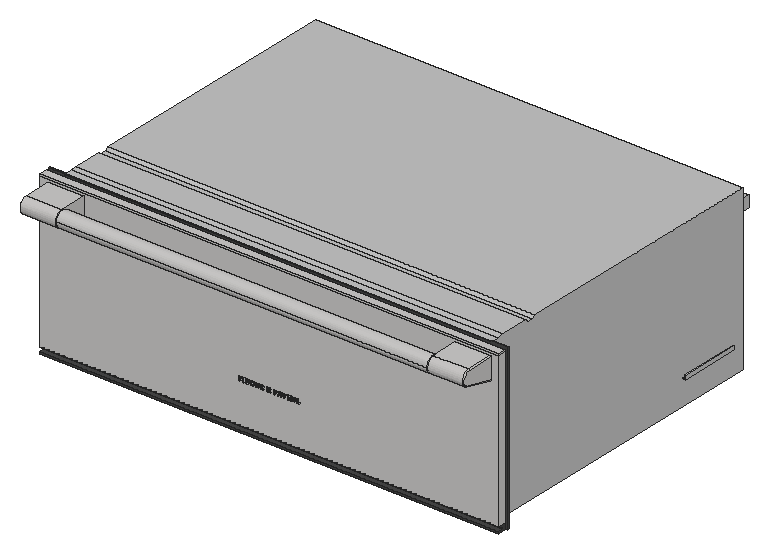
Revit family "FP_Revit_18_VB30SPEX1_Vacuum_Drawer_9000xxxxA", category Specialty Equipment, Revit 2018
Family settings
  Round Connector Dimension = Use Diameter
  Part Type = Normal
  OmniClass Number = 23.40.40.14.17.31
  OmniClass Title = Small Specialized Cooking Equipment
  Work Plane-Based = No
  Always vertical = Yes
  Cut with Voids When Loaded = Yes
  Shared = No
  Room Calculation Point = No
Parameters (values of type "VB30SPEX1")
  Visibility - Clearance Required = yes
  URL = "www.fisherpaykel.com"
  Product - Width = 761 mm  # constant formula
  Product - Height = 271 mm  # constant formula
  Product - Depth = 630 mm  # constant formula
  Model = "VB30SPEX1"
  Material - Trim = Fisher & Paykel - Black
  Material - Structure = Fisher & Paykel - Black
  Material - Handle = Fisher & Paykel - Stainless Steel
  Material - Front = Fisher & Paykel - Stainless Steel
  Material - Body = Fisher & Paykel - Grey
  Manufacturer = "Fisher & Paykel Appliances"
  FFL Offset [instance] = 587 mm
  Description = "30\" Vacuum Drawer"
  Connector Description - Electrical = "110 V, 60Hz, 10 A"
  Chassis - Width = 720 mm  # constant formula
  Chassis - Height = 271 mm  # constant formula
  Chassis - Depth = 551 mm  # constant formula
  Cavity - Width = 724 mm  # constant formula
  Cavity - Height = 273 mm  # constant formula
  Cavity - Depth = 560 mm  # constant formula
Reference planes
  plane 1 "Datum (Front/Back)": y = 0
  plane 2: z = 0
  plane 3 "Center (Left/Right)": x = 0
  plane 4 "Product Height": z = 858
  plane 5 "Product LHS": x = -380.5
  plane 6 "Product RHS": x = 380.5
  plane 7 "Cavity LHS": x = -382
  plane 8 "Cavity RHS": x = 382
  plane 9 "Cavity - Depth": y = 560
  plane 10 "Door - Front": y = -20
  plane 11 "Cavity - Height": z = 860
  plane 12 "FFL Offset": z = 587
  plane 13 "Product - Depth": y = 551
Forms (mm)
  Extrusion 1, solid, material "Fisher & Paykel - Grey" <- "Material - Body"
    sketch origin (0, 0, 0) x (0, 1, 0) y (0, 0, 1)
      loop
        line (0, 587) -> (518, 587) -> (518, 858) -> (87.767, 858) -> (83, 854) -> (73, 854) -> (68.233, 858) -> (21, 858) -> (12.8, 856.5) -> (0, 856.5) -> (0, 587)
    from -354 to 354
  Extrusion 2, solid, material "Fisher & Paykel - Grey" <- "Material - Body", detail levels medium+fine
    sketch origin (0, 0, 0) x (0, 1, 0) y (0, 0, 1)
      loop
        line (518, 826) -> (518, 807) -> (551, 807) -> (551, 826) -> (518, 826)
    from 310.5 to 337.5
  Extrusion 3, solid, material "Fisher & Paykel - Grey" <- "Material - Body", detail levels medium+fine
    sketch origin (0, 0, 0) x (0, 1, 0) y (0, 0, 1)
      loop
        circle (541, 816.5) r 8.163
    from 277.5 to 310.5
  Extrusion 4, solid, material "Fisher & Paykel - Black" <- "Material - Structure"
    sketch origin (0, 0, 0) x (0, 1, 0) y (0, 0, 1)
      loop
        line (-2, 595.7) -> (-2, 846.7) -> (-6.6, 846.7) -> (-6.6, 595.7) -> (-2, 595.7)
    from -342 to 342
  Extrusion 5, solid, material "Fisher & Paykel - Stainless Steel" <- "Material - Front"
    sketch origin (0, 0, 0) x (0, 1, 0) y (0, 0, 1)
      loop
        line (-6.6, 853) -> (-20, 853) -> (-20, 598.6) -> (-6.6, 598.6) -> (-6.6, 853)
    from -380.5 to 380.5
  Extrusion 6, solid, material "Fisher & Paykel - Black" <- "Material - Trim", detail levels medium+fine
    sketch origin (0, 0, 0) x (0, 1, 0) y (0, 0, 1)
      loop
        line (-11.142, 595.6) -> (-11.142, 592) -> (-20, 592) -> (-20, 589) -> (-6.6, 589) -> (-6.6, 598.6) -> (-18.633, 598.6) -> (-16.108, 595.6) -> (-11.142, 595.6)
    from -380.5 to 380.5
  Extrusion 7, solid, material "Fisher & Paykel - Stainless Steel" <- "Material - Front", detail levels fine
    sketch origin (0, 0, 0) x (0, 1, 0) y (0, 0, 1)
      loop
        line (-6.6, 856) -> (-20, 856) -> (-20, 853) -> (-6.6, 853) -> (-6.6, 856)
    from -380.5 to 380.5
  Extrusion 8, solid, material "Fisher & Paykel - Clearance Required", visible <- "Visibility - Clearance Required", detail levels coarse
    sketch origin (0, 0, 0) x (0, 1, 0) y (0, 0, 1)
      loop
        line (0, 860) -> (0, 587) -> (560, 587) -> (560, 860) -> (0, 860)
    from -362 to 362
  Extrusion 9, solid, material "Fisher & Paykel - Grey" <- "Material - Body", detail levels medium+fine
    sketch origin (0, 0, 0) x (1, 0, 0) y (0, 0, 1)
      loop
        circle (-121.5, 791) r 21.977
    from -537 to -518
  Extrusion 10, solid, material "Fisher & Paykel - Grey" <- "Material - Body", detail levels medium+fine
    sketch origin (0, 0, 1000) x (1, 0, 0) y (0, 0, 1)
      loop
        line (360, -364.5) -> (359, -364.5) -> (359, -369.5) -> (354, -369.5) -> (354, -370.5) -> (360, -370.5) -> (360, -364.5)
      loop
        line (-360, -364.5) -> (-360, -370.5) -> (-354, -370.5) -> (-354, -369.5) -> (-359, -369.5) -> (-359, -364.5) -> (-360, -364.5)
    from -493 to -393
  Extrusion 11, solid, material "Fisher & Paykel - Black" <- "Material - Structure"
    sketch origin (0, 0, 0) x (1, 0, 0) y (0, 0, 1)
      loop
        line (-380.5, 858) -> (-380.5, 587) -> (380.5, 587) -> (380.5, 858) -> (354, 858) -> (354, 856.5) -> (-354, 856.5) -> (-354, 858) -> (-380.5, 858)
    from 0 to 2
  Extrusion 12, solid, material "Fisher & Paykel - Clearance Required", visible <- "Visibility - Clearance Required", detail levels coarse
    sketch origin (0, 0, 0) x (0, 1, 0) y (0, 0, 1)
      loop
        line (0, 587) -> (0, 860) -> (-439, 860) -> (-439, 848.378) -> (-484.423, 848.378)
        arc (-484.423, 848.378) -> (-496.914, 837.059) -> (-487.354, 823.175) r 12.8
        line (-487.354, 823.175) -> (-439, 810.881) -> (-439, 587) -> (0, 587)
    from -382 to 382
  Extrusion 13, void
    sketch origin (0, 0, 0) x (0, 1, 0) y (0, 0, 1)
      loop
        line (0, 860) -> (0, 587) -> (560, 587) -> (560, 860) -> (0, 860)
    from -362 to 362
  Extrusion 14, void
    sketch origin (0, 0, 0) x (0, 1, 0) y (0, 0, 1)
      loop
        line (0, 587) -> (0, 860) -> (-20, 860) -> (-20, 587) -> (0, 587)
    from -382 to 382
  Extrusion 15, solid, material "Fisher & Paykel - Stainless Steel" <- "Material - Handle", detail levels medium+fine
    sketch origin (0, -20, -842.813) x (0, 1, 0) y (0, 0, 1)
      loop
        circle (-45.2, 1678.393) r 12.8
    from -308.01 to 308.01
  Extrusion 16, solid, material "Fisher & Paykel - Stainless Steel", detail levels coarse
    sketch origin (0, -20, 157.187) x (0, 1, 0) y (0, 0, 1)
      loop
        line (0, 691.983) -> (-45.423, 691.191)
        arc (-45.423, 691.191) -> (-57.914, 679.871) -> (-48.354, 665.987) r 12.8
        line (-48.354, 665.987) -> (0, 653.694) -> (0, 691.983)
    from -368.01 to 368.01
  Extrusion 17, solid, material "Fisher & Paykel - Stainless Steel", detail levels medium+fine
    sketch origin (0, -20, 157.187) x (0, 1, 0) y (0, 0, 1)
      loop
        line (0, 691.983) -> (-45.423, 691.191)
        arc (-45.423, 691.191) -> (-57.914, 679.871) -> (-48.354, 665.987) r 12.8
        line (-48.354, 665.987) -> (0, 653.694) -> (0, 691.983)
    from -368.01 to -308.01
  Extrusion 18, solid, material "Fisher & Paykel - Stainless Steel", detail levels medium+fine
    sketch origin (0, -20, 157.187) x (0, 1, 0) y (0, 0, -1)
      loop
        line (0, -691.983) -> (0, -653.694) -> (-48.354, -665.987)
        arc (-48.354, -665.987) -> (-57.914, -679.871) -> (-45.423, -691.191) r 12.8
        line (-45.423, -691.191) -> (0, -691.983)
    from -368.01 to -308.01
  Sweep 19, void
    path in 3D
      loop
        line (368.01, -17.558, 849.213) -> (368.01, -65.423, 848.378)
        arc (368.01, -65.423, 848.378) -> (368.01, -77.914, 837.059) -> (368.01, -68.354, 823.175) r 12.8
        line (368.01, -68.354, 823.175) -> (368.01, -17.707, 810.298)
    profile origin (368.01, -41.491, 848.795) x (0, 0.017432, -0.999848) y (1, 0, 0)
      loop
        line (0, 0) -> (0, -1.2) -> (1.5, 0) -> (0, 0)
  Sweep 20, void
    path in 3D
      loop
        line (-368.01, -18.841, 810.586) -> (-368.01, -68.354, 823.175)
        arc (-368.01, -68.354, 823.175) -> (-368.01, -77.914, 837.059) -> (-368.01, -65.423, 848.378) r 12.8
        line (-368.01, -65.423, 848.378) -> (-368.01, -17.926, 849.206)
    profile origin (-368.01, -41.675, 848.792) x (0, 0.017432, -0.999848) y (-1, 0, 0)
      loop
        line (0, 0) -> (0, -1.5) -> (1.5, 0) -> (0, 0)
Cuts and joins
  Sweep 19 cuts Extrusion 18
  Sweep 20 cuts Extrusion 17
Lines and regions (mm)
  sketch lines
    curve 1: line (368.01, -17.558, 849.213) -> (368.01, -65.423, 848.378)
    curve 2: arc (368.01, -68.354, 823.175) -> (368.01, -77.914, 837.059) -> (368.01, -65.423, 848.378) r 12.8
    curve 3: line (368.01, -68.354, 823.175) -> (368.01, -17.707, 810.298)
    curve 4: line (-368.01, -65.423, 848.378) -> (-368.01, -17.926, 849.206)
    curve 5: arc (-368.01, -65.423, 848.378) -> (-368.01, -77.914, 837.059) -> (-368.01, -68.354, 823.175) r 12.8
    curve 6: line (-368.01, -18.841, 810.586) -> (-368.01, -68.354, 823.175)
Text (mm)
  text "Due to ongoing product development, product details are subject to change without notice. \nPlease always refer to www.fisherpaykel.com for the most current product information. \n© Fisher & Paykel 2020" at (41.04, -568.295, 0), in view "Ref. Level (Plan)"
Dimensions and locks
  equal spacing: plane 5 "Product LHS", plane 3 "Center (Left/Right)", plane 6 "Product RHS"
  equal spacing: plane 7 "Cavity LHS", plane 3 "Center (Left/Right)", plane 8 "Cavity RHS"
  equal spacing: Extrusion 1, plane 3 "Center (Left/Right)", Extrusion 1
  "Product - Width": plane 5 "Product LHS" to plane 6 "Product RHS"
  plane 10 "Door - Front" to plane 1 "Datum (Front/Back)" = 20 mm
  "Cavity - Depth": plane 9 "Cavity - Depth" to plane 1 "Datum (Front/Back)"
  "Chassis - Width": Extrusion 10 to Extrusion 10
  "FFL Offset": level to plane 12 "FFL Offset"
  locked: plane 12 "FFL Offset" to Extrusion 6 sketch curve at 11.6
  locked: plane 12 "FFL Offset" to Extrusion 6 sketch curve at 2
  locked: Extrusion 10 to plane 12 "FFL Offset" at 42.5  (x2)
  "Product - Height": plane 12 "FFL Offset" to plane 4 "Product Height"
  "Cavity - Height": plane 12 "FFL Offset" to plane 11 "Cavity - Height"
  locked: plane 12 "FFL Offset" to Extrusion 4 at 8.6
  locked: plane 12 "FFL Offset" to nested 1 at 78.956
  equal spacing: Extrusion 8, plane 3 "Center (Left/Right)", Extrusion 8
  locked: Extrusion 12 to plane 10 "Door - Front" at 419
  locked: plane 12 "FFL Offset" to Extrusion 15 at 248.58
  locked: Extrusion 1 to plane 1 "Datum (Front/Back)" at 518
  locked: plane 7 "Cavity LHS" to plane 8 "Cavity RHS" at 764
  Extrusion 1 to Extrusion 1 = 708 mm
  "Chassis - Depth": plane 1 "Datum (Front/Back)" to plane 13 "Product - Depth"
  "Cavity - Width": Extrusion 8 to Extrusion 8
  aligned and locked: level to plane 2
  aligned and locked: Extrusion 8 sketch curve to plane 9 "Cavity - Depth"
  aligned and locked: Extrusion 2 to Extrusion 1
  aligned and locked: Extrusion 11 to plane 1 "Datum (Front/Back)"
  aligned and locked: Extrusion 10 to Extrusion 1  (x2)
  aligned and locked: plane 12 "FFL Offset" to Extrusion 11
  aligned and locked: plane 12 "FFL Offset" to Extrusion 1 sketch curve
  aligned and locked: Extrusion 8 sketch curve to plane 12 "FFL Offset"
  aligned and locked: plane 5 "Product LHS" to Extrusion 7
  aligned and locked: plane 5 "Product LHS" to Extrusion 5
  aligned and locked: plane 5 "Product LHS" to Extrusion 6
  aligned and locked: Extrusion 7 to plane 6 "Product RHS"
  aligned and locked: Extrusion 5 to plane 6 "Product RHS"
  aligned and locked: Extrusion 6 to plane 6 "Product RHS"
  aligned and locked: Extrusion 12 sketch curve to plane 11 "Cavity - Height"
  aligned and locked: Extrusion 12 sketch curve to plane 12 "FFL Offset"
  aligned and locked: plane 7 "Cavity LHS" to Extrusion 12
  aligned and locked: Extrusion 12 to plane 8 "Cavity RHS"
  aligned and locked: Extrusion 14 to plane 11 "Cavity - Height"
  aligned and locked: Extrusion 13 to plane 11 "Cavity - Height"
  aligned and locked: plane 12 "FFL Offset" to Extrusion 14
  aligned and locked: plane 12 "FFL Offset" to Extrusion 13
  aligned and locked: Extrusion 14 to plane 8 "Cavity RHS"
  aligned and locked: plane 7 "Cavity LHS" to Extrusion 14
  aligned and locked: Extrusion 2 to plane 13 "Product - Depth"
  aligned and locked: Extrusion 13 to Extrusion 8  (x2)
  aligned and locked: Extrusion 4 to Extrusion 7
Automatic sketch dimensions
  Extrusion 1 sketch curve to plane 1 "Datum (Front/Back)" = 0 mm
  Extrusion 1 sketch curve to plane 4 "Product Height" = 0 mm  (x2)
  Extrusion 1 sketch curve to plane 4 "Product Height" = 1.5 mm
  Extrusion 1 sketch curve to Extrusion 1 sketch curve = 12.8 mm
  Extrusion 1 sketch curve to Extrusion 1 sketch curve = 8.2 mm
  Extrusion 1 sketch curve to Extrusion 1 sketch curve = 47.233 mm
  Extrusion 1 sketch curve to plane 4 "Product Height" = 4 mm
  Extrusion 1 sketch curve to Extrusion 1 sketch curve = 4.767 mm  (x2)
  Extrusion 1 sketch curve to Extrusion 1 sketch curve = 10 mm
  Extrusion 2 sketch curve to Extrusion 2 sketch curve = 33 mm
  Extrusion 2 sketch curve to plane 4 "Product Height" = 51 mm
  Extrusion 2 sketch curve to Extrusion 2 sketch curve = 19 mm
  Extrusion 3 sketch curve to plane 4 "Product Height" = 41.5 mm
  plane 1 "Datum (Front/Back)" to Extrusion 4 sketch curve = 6.6 mm
  plane 1 "Datum (Front/Back)" to Extrusion 4 sketch curve = 2 mm
  Extrusion 4 sketch curve to plane 12 "FFL Offset" = 8.7 mm
  Extrusion 4 sketch curve to plane 4 "Product Height" = 11.3 mm
  Extrusion 5 sketch curve to plane 10 "Door - Front" = 0 mm
  plane 1 "Datum (Front/Back)" to Extrusion 5 sketch curve = 6.6 mm
  Extrusion 5 sketch curve to plane 12 "FFL Offset" = 11.6 mm
  Extrusion 5 sketch curve to plane 4 "Product Height" = 5 mm
  Extrusion 6 sketch curve to plane 10 "Door - Front" = 0 mm
  plane 10 "Door - Front" to Extrusion 6 sketch curve = 1.367 mm
  plane 10 "Door - Front" to Extrusion 6 sketch curve = 3.892 mm
  Extrusion 6 sketch curve to Extrusion 6 sketch curve = 4.966 mm
  Extrusion 6 sketch curve to Extrusion 6 sketch curve = 4.542 mm
  Extrusion 6 sketch curve to plane 12 "FFL Offset" = 5 mm
  Extrusion 6 sketch curve to Extrusion 6 sketch curve = 3 mm
  Extrusion 7 sketch curve to plane 10 "Door - Front" = 0 mm
  plane 1 "Datum (Front/Back)" to Extrusion 7 sketch curve = 6.6 mm
  Extrusion 7 sketch curve to plane 4 "Product Height" = 5 mm
  Extrusion 7 sketch curve to plane 4 "Product Height" = 2 mm
  Extrusion 8 sketch curve to plane 1 "Datum (Front/Back)" = 0 mm
  plane 11 "Cavity - Height" to Extrusion 8 sketch curve = 0 mm
  Extrusion 9 sketch curve to plane 3 "Center (Left/Right)" = 121.5 mm
  Extrusion 9 sketch curve to plane 4 "Product Height" = 67 mm
  Extrusion 10 sketch curve to plane 5 "Product LHS" = 20.5 mm
  Extrusion 10 sketch curve to Extrusion 10 sketch curve = 1 mm  (x4)
  Extrusion 10 sketch curve to Extrusion 10 sketch curve = 5 mm  (x4)
  plane 6 "Product RHS" to Extrusion 10 sketch curve = 26.5 mm
  Extrusion 10 sketch curve to plane 12 "FFL Offset" = 42.5 mm  (x2)
  Extrusion 11 sketch curve to plane 4 "Product Height" = 0 mm  (x2)
  plane 5 "Product LHS" to Extrusion 11 sketch curve = 0 mm
  plane 6 "Product RHS" to Extrusion 11 sketch curve = 0 mm
  Extrusion 11 sketch curve to plane 12 "FFL Offset" = 0 mm
  Extrusion 11 sketch curve to plane 5 "Product LHS" = 26.5 mm
  Extrusion 11 sketch curve to plane 4 "Product Height" = 1.5 mm
  plane 6 "Product RHS" to Extrusion 11 sketch curve = 26.5 mm
  Extrusion 13 sketch curve to plane 1 "Datum (Front/Back)" = 0 mm
  Extrusion 13 sketch curve to plane 9 "Cavity - Depth" = 0 mm
  plane 12 "FFL Offset" to Extrusion 13 sketch curve = 0 mm
  plane 11 "Cavity - Height" to Extrusion 13 sketch curve = 0 mm
  Extrusion 14 sketch curve to plane 10 "Door - Front" = 0 mm
  Extrusion 14 sketch curve to plane 1 "Datum (Front/Back)" = 0 mm
  plane 12 "FFL Offset" to Extrusion 14 sketch curve = 0 mm
  plane 11 "Cavity - Height" to Extrusion 14 sketch curve = 0 mm
  Extrusion 15 sketch curve to plane 4 "Product Height" = 22.42 mm
  Extrusion 15 sketch curve to plane 10 "Door - Front" = 45.2 mm
  Extrusion 16 sketch curve to plane 4 "Product Height" = 34.825 mm
  Extrusion 16 sketch curve to plane 10 "Door - Front" = 48.354 mm
  Extrusion 16 sketch curve to plane 4 "Product Height" = 9.622 mm
  Extrusion 16 sketch curve to Extrusion 16 sketch curve = 2.931 mm
  Extrusion 16 sketch curve to Extrusion 16 sketch curve = 3.154 mm
  Extrusion 16 sketch curve to plane 4 "Product Height" = 47.119 mm
  Extrusion 16 sketch curve to Extrusion 16 sketch curve = 48.354 mm
  Extrusion 16 sketch curve to plane 4 "Product Height" = 8.83 mm
  Extrusion 17 sketch curve to plane 4 "Product Height" = 34.825 mm
  Extrusion 17 sketch curve to plane 10 "Door - Front" = 48.354 mm
  Extrusion 17 sketch curve to plane 4 "Product Height" = 9.622 mm
  Extrusion 17 sketch curve to Extrusion 17 sketch curve = 2.931 mm
  Extrusion 17 sketch curve to Extrusion 17 sketch curve = 3.154 mm
  Extrusion 17 sketch curve to plane 4 "Product Height" = 47.119 mm
  Extrusion 17 sketch curve to Extrusion 17 sketch curve = 48.354 mm
  Extrusion 17 sketch curve to plane 4 "Product Height" = 8.83 mm
  Extrusion 18 sketch curve to plane 4 "Product Height" = 34.825 mm
  Extrusion 18 sketch curve to plane 10 "Door - Front" = 48.354 mm
  Extrusion 18 sketch curve to plane 4 "Product Height" = 9.622 mm
  Extrusion 18 sketch curve to Extrusion 18 sketch curve = 2.931 mm
  Extrusion 18 sketch curve to Extrusion 18 sketch curve = 3.154 mm
  Extrusion 18 sketch curve to plane 4 "Product Height" = 47.119 mm
  Extrusion 18 sketch curve to Extrusion 18 sketch curve = 48.354 mm
  Extrusion 18 sketch curve to plane 4 "Product Height" = 8.83 mm
  Sweep 19 sketch curve to profile plane = 0 mm  (x2)
  Sweep 19 sketch curve to Sweep 19 sketch curve = 1.5 mm
  Sweep 19 sketch curve to profile plane = 1.2 mm
  profile plane to Sweep 20 sketch curve = 0 mm
  Sweep 20 sketch curve to profile plane = 0 mm
  Sweep 20 sketch curve to Sweep 20 sketch curve = 1.5 mm
  Sweep 20 sketch curve to profile plane = 1.5 mm
  Extrusion 12 sketch curve to plane 10 "Door - Front" = 419 mm
  Extrusion 12 sketch curve to plane 1 "Datum (Front/Back)" = 0 mm
  Extrusion 12 sketch curve to plane 4 "Product Height" = 22.42 mm
  Extrusion 12 sketch curve to plane 10 "Door - Front" = 464.2 mm
  Extrusion 12 sketch curve to Extrusion 12 sketch curve = 0.223 mm
  Extrusion 12 sketch curve to plane 4 "Product Height" = 9.622 mm
  Extrusion 12 sketch curve to Extrusion 12 sketch curve = 3.154 mm
  Extrusion 12 sketch curve to Extrusion 12 sketch curve = 37.497 mm
  Extrusion 12 sketch curve to Extrusion 12 sketch curve = 48.354 mm
  Extrusion 1 sketch curve to plane 9 "Cavity - Depth" = 42 mm
  Extrusion 2 sketch curve to plane 9 "Cavity - Depth" = 42 mm
  Extrusion 3 sketch curve to plane 9 "Cavity - Depth" = 19 mm
  radius of Extrusion 3 sketch curve = 8.163 mm
  radius of Extrusion 9 sketch curve = 21.977 mm
  radius of Extrusion 15 sketch curve = 12.8 mm
Nested families
  nested 1: "F&P Logo 100mm" at (0, -20, 665.956), type "Grey"
Connectors
  electrical at (277.5, 541, 816.5), driven by "Connector Description - Electrical"
    settings: on Extrusion 3, index 1, voltage 110 V, apparent load 0 VA, apparent load phase1 0 VA, apparent load phase2 0 VA, apparent load phase3 0 VA, power factor 1, load classification "Other", number of poles 1, system type 30, power factor state 1, is connector primary yes, connector utility no, sub classification motor no, connector description "110 V, 60Hz, 10 A"
Definition of nested family "F&P Logo 100mm"
  Parameters (values of type "Grey")
    URL = "www.fisherpaykel.com"
    Material - Logo = none
    Manufacturer = "Fisher & Paykel Appliances"
  Types (2): name
    Chrome
    Grey
  Reference planes
    plane 1 "Center (Front/Back)": y = 0
    plane 2: z = 0
    plane 3 "Center (Left/Right)": x = 0
  Forms (mm)
    Extrusion 1, solid, material <- "Material - Logo", detail levels fine
      sketch origin (0, 0, 0) x (1, 0, 0) y (0, 0, 1)
        loop
          line (-50.044, 0) -> (-48.47, 0) -> (-48.47, 2.138) -> (-46.011, 2.138) -> (-46.011, 3.472) -> (-48.47, 3.472) -> (-48.47, 4.712) -> (-45.795, 4.712) -> (-45.795, 6.04) -> (-50.044, 6.04) -> (-50.044, 0)
        loop
          line (-42.804, 6.04) -> (-42.804, 0) -> (-41.23, 0) -> (-41.23, 6.04) -> (-42.804, 6.04)
        loop
          line (-30.724, 6.04) -> (-30.724, 0) -> (-29.151, 0) -> (-29.151, 2.42) -> (-26.839, 2.42) -> (-26.839, 0) -> (-25.265, 0) -> (-25.265, 6.04) -> (-26.839, 6.04) -> (-26.839, 3.748) -> (-29.151, 3.748) -> (-29.151, 6.04) -> (-30.724, 6.04)
        loop
          line (-21.906, 6.04) -> (-21.906, 0) -> (-17.602, 0) -> (-17.602, 1.328) -> (-20.347, 1.328) -> (-20.347, 2.42) -> (-17.838, 2.42) -> (-17.838, 3.748) -> (-20.347, 3.748) -> (-20.347, 4.712) -> (-17.602, 4.712) -> (-17.602, 6.04) -> (-21.906, 6.04)
        loop
          line (45.667, 6.04) -> (45.667, 0) -> (49.956, 0) -> (49.956, 1.328) -> (47.241, 1.328) -> (47.241, 6.04) -> (45.667, 6.04)
        loop
          line (42.431, 6.04) -> (38.112, 6.04) -> (38.112, 0) -> (42.431, 0) -> (42.431, 1.328) -> (39.687, 1.328) -> (39.687, 2.42) -> (42.195, 2.42) -> (42.195, 3.748) -> (39.687, 3.748) -> (39.687, 4.712) -> (42.431, 4.712) -> (42.431, 6.04)
        loop
          line (33.451, 3.148) -> (35.683, 6.04) -> (33.844, 6.04) -> (31.915, 3.542) -> (31.915, 6.04) -> (30.342, 6.04) -> (30.342, 0) -> (31.915, 0) -> (31.915, 2.705) -> (33.903, 0) -> (35.763, 0) -> (33.451, 3.148)
        loop
          line (21.98, 6.04) -> (24.262, 2.42) -> (24.262, 0) -> (25.837, 0) -> (25.837, 2.341) -> (28.119, 6.04) -> (26.446, 6.04) -> (25.099, 3.707) -> (23.753, 6.04) -> (21.98, 6.04)
        loop
          line (18.479, 6.04) -> (16.983, 6.04) -> (14.524, 0) -> (16.069, 0) -> (16.501, 1.112) -> (18.921, 1.112) -> (19.354, 0) -> (20.938, 0) -> (18.479, 6.04)
        loop
          line (18.4, 2.439) -> (17.693, 4.174) -> (17.018, 2.439) -> (18.4, 2.439)
        loop
          line (8.031, 6.04) -> (8.031, 0) -> (9.605, 0) -> (9.605, 1.938) -> (10.599, 1.938)
          arc (10.599, 1.938) -> (12.65, 3.989) -> (10.599, 6.04) r 2.051
          line (10.599, 6.04) -> (8.031, 6.04)
        loop
          line (9.605, 4.712) -> (9.605, 3.197) -> (10.501, 3.197)
          arc (10.501, 3.197) -> (11.259, 3.954) -> (10.501, 4.712) r 0.757
          line (10.501, 4.712) -> (9.605, 4.712)
        loop
          line (-11.783, 6.04) -> (-14.366, 6.04) -> (-14.366, 0) -> (-12.792, 0) -> (-12.792, 1.336) -> (-11.992, 1.336) -> (-10.972, 0) -> (-9.153, 0) -> (-10.694, 1.973)
          arc (-10.694, 1.973) -> (-9.678, 4.424) -> (-11.783, 6.04) r 2.179
        loop
          line (-11.897, 4.712) -> (-12.792, 4.712) -> (-12.792, 3.053) -> (-11.897, 3.053)
          arc (-11.897, 3.053) -> (-11.068, 3.882) -> (-11.897, 4.712) r 0.83
        loop
          line (0.477, 4.712) -> (0.477, 6.153) -> (-3.575, 6.153) -> (-3.575, 4.851) -> (-2.974, 4.112)
          arc (-2.974, 4.112) -> (-3.51, 0.684) -> (-0.045, 0.512) r 2.334
          line (-0.045, 0.512) -> (0.46, -0.109) -> (2.246, -0.109) -> (0.86, 1.594) -> (2.061, 3.324) -> (0.443, 3.324) -> (-0.013, 2.667) -> (-1.677, 4.712) -> (0.477, 4.712)
        loop
          arc (-2.125, 3.068) -> (-2.269, 1.668) -> (-0.868, 1.524) r 0.996
          line (-0.868, 1.524) -> (-2.125, 3.068)
        loop
          line (-35.18, 3.634) -> (-36.516, 3.91)
          arc (-36.516, 3.91) -> (-37.049, 4.443) -> (-36.516, 4.976) r 0.533
          arc (-36.516, 4.976) -> (-35.235, 4.79) -> (-34.059, 4.248) r 4.505
          line (-34.059, 4.248) -> (-34.059, 5.743)
          arc (-34.059, 5.743) -> (-35.549, 6.179) -> (-37.1, 6.109) r 4.726
          arc (-37.1, 6.109) -> (-38.536, 4.335) -> (-37.1, 2.561) r 1.814
          line (-37.1, 2.561) -> (-35.754, 2.282)
          arc (-35.754, 2.282) -> (-35.221, 1.749) -> (-35.754, 1.216) r 0.533
          arc (-35.754, 1.216) -> (-37.035, 1.402) -> (-38.211, 1.945) r 4.505
          line (-38.211, 1.945) -> (-38.211, 0.449)
          arc (-38.211, 0.449) -> (-36.72, 0.013) -> (-35.169, 0.083) r 4.726
          arc (-35.169, 0.083) -> (-33.734, 1.863) -> (-35.18, 3.634) r 1.814
      from 0 to 0.8
  Dimensions and locks
    aligned and locked: level to plane 2
